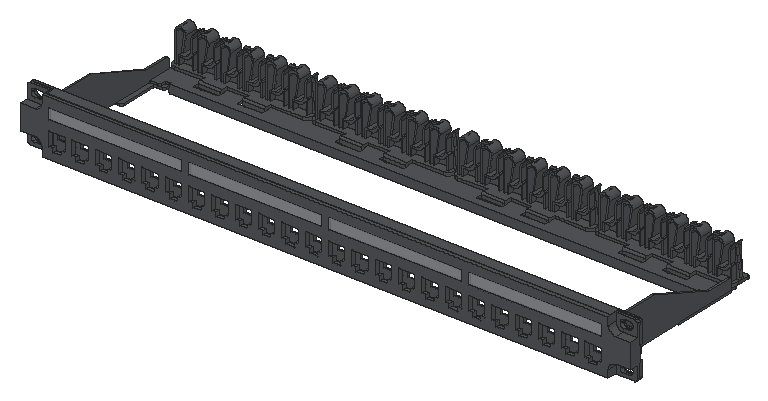
Revit family "Panneau de brassage", category Equipement spécialisé, Revit 2020 (continued)
Automatic sketch dimensions
  Extrusion 137 sketch curve to plane 578 = 0.2 mm
  Extrusion 137 sketch curve to plane 12 = 2.575 mm  (x2)
  Extrusion 137 sketch curve to Extrusion 137 sketch curve = 1.215 mm
  Extrusion 137 sketch curve to plane 28 = 0.25 mm  (x2)
  plane 11 to Extrusion 138 sketch curve = 0.429 mm
  Extrusion 138 sketch curve to Extrusion 138 sketch curve = 1.5 mm
  plane 11 to Extrusion 138 sketch curve = 0.356 mm
  Extrusion 138 sketch curve to Extrusion 138 sketch curve = 0.291 mm
  Extrusion 138 sketch curve to Extrusion 138 sketch curve = 2.84 mm
  Extrusion 138 sketch curve to plane 28 = 0.95 mm
  Extrusion 138 sketch curve to Extrusion 138 sketch curve = 1 mm
  Extrusion 138 sketch curve to Extrusion 138 sketch curve = 0.3 mm
  plane 492 to Extrusion 138 sketch curve = 2.8 mm
  Extrusion 138 sketch curve to plane 12 = 2.575 mm  (x2)
  Extrusion 138 sketch curve to Extrusion 138 sketch curve = 2.34 mm
  Extrusion 138 sketch curve to Extrusion 138 sketch curve = 0 mm  (x2)
  Extrusion 138 sketch curve to Extrusion 138 sketch curve = 1.215 mm
  Extrusion 138 sketch curve to plane 28 = 0.25 mm
  plane 44 to Extrusion 138 sketch curve = 3.067 mm
  Extrusion 138 sketch curve to Extrusion 138 sketch curve = 1.628 mm
  plane 44 to Extrusion 139 sketch curve = 3.439 mm
  Extrusion 139 sketch curve to plane 484 = 17.06 mm
  plane 11 to Extrusion 139 sketch curve = 0.356 mm
  Extrusion 139 sketch curve to Extrusion 139 sketch curve = 2.249 mm
  Extrusion 139 sketch curve to Extrusion 139 sketch curve = 0.291 mm
  Extrusion 139 sketch curve to plane 28 = 1.718 mm
  Extrusion 139 sketch curve to Extrusion 139 sketch curve = 0.591 mm
  Extrusion 139 sketch curve to Extrusion 139 sketch curve = 2.84 mm
  Extrusion 139 sketch curve to plane 28 = 0.95 mm
  Extrusion 139 sketch curve to Extrusion 139 sketch curve = 0.36 mm
  Extrusion 139 sketch curve to plane 28 = 0.25 mm  (x2)
  Extrusion 139 sketch curve to Extrusion 139 sketch curve = 0.84 mm
  Extrusion 139 sketch curve to Extrusion 139 sketch curve = 1.2 mm  (x2)
  Extrusion 139 sketch curve to Extrusion 139 sketch curve = 0.3 mm
  plane 27 to Extrusion 139 sketch curve = 0.225 mm
  Extrusion 139 sketch curve to Extrusion 139 sketch curve = 5.7 mm
  Extrusion 139 sketch curve to plane 12 = 2.575 mm  (x2)
  Extrusion 139 sketch curve to Extrusion 139 sketch curve = 3.8 mm
  plane 27 to Extrusion 139 sketch curve = 0.425 mm
  Extrusion 139 sketch curve to Extrusion 139 sketch curve = 1.535 mm
  Extrusion 139 sketch curve to Extrusion 139 sketch curve = 0 mm
  Extrusion 139 sketch curve to Extrusion 139 sketch curve = 1.215 mm
  plane 44 to Extrusion 139 sketch curve = 2.017 mm
  Extrusion 139 sketch curve to Extrusion 139 sketch curve = 1.628 mm
  plane 27 to Extrusion 140 sketch curve = 0.425 mm
  Extrusion 140 sketch curve to Extrusion 140 sketch curve = 1.76 mm
  plane 27 to Extrusion 140 sketch curve = 0.225 mm
  Extrusion 140 sketch curve to Extrusion 140 sketch curve = 1.2 mm  (x2)
  Extrusion 140 sketch curve to plane 28 = 0.25 mm  (x2)
  Extrusion 140 sketch curve to Extrusion 140 sketch curve = 3.8 mm
  Extrusion 140 sketch curve to plane 484 = 3.4 mm
  Extrusion 140 sketch curve to plane 484 = 3.1 mm  (x2)
  Extrusion 140 sketch curve to Extrusion 140 sketch curve = 0.2 mm
  Extrusion 140 sketch curve to plane 28 = 0.95 mm
  Extrusion 140 sketch curve to Extrusion 140 sketch curve = 0.64 mm
  Extrusion 140 sketch curve to plane 484 = 1.9 mm
  Extrusion 140 sketch curve to Extrusion 140 sketch curve = 0.3 mm
  plane 11 to Extrusion 140 sketch curve = 0.356 mm
  Extrusion 140 sketch curve to Extrusion 140 sketch curve = 0.291 mm
  plane 484 to Extrusion 140 sketch curve = 0.94 mm
  Extrusion 140 sketch curve to plane 12 = 2.575 mm
  Extrusion 140 sketch curve to Extrusion 140 sketch curve = 0 mm  (x2)
  Extrusion 140 sketch curve to Extrusion 140 sketch curve = 1.215 mm
  plane 44 to Extrusion 140 sketch curve = 2.017 mm
  plane 44 to Extrusion 140 sketch curve = 3.439 mm
  Extrusion 140 sketch curve to Extrusion 140 sketch curve = 1.628 mm
  plane 44 to Extrusion 141 sketch curve = 3.439 mm
  Extrusion 141 sketch curve to plane 243 = 8.192 mm
  plane 11 to Extrusion 141 sketch curve = 0.356 mm
  Extrusion 141 sketch curve to Extrusion 141 sketch curve = 2.249 mm
  Extrusion 141 sketch curve to Extrusion 141 sketch curve = 0.291 mm
  Extrusion 141 sketch curve to plane 28 = 1.718 mm
  Extrusion 141 sketch curve to Extrusion 141 sketch curve = 0.591 mm
  Extrusion 141 sketch curve to Extrusion 141 sketch curve = 2.84 mm
  Extrusion 141 sketch curve to plane 28 = 0.95 mm
  Extrusion 141 sketch curve to Extrusion 141 sketch curve = 0.36 mm
  Extrusion 141 sketch curve to plane 28 = 0.25 mm  (x2)
  Extrusion 141 sketch curve to Extrusion 141 sketch curve = 0.84 mm
  Extrusion 141 sketch curve to Extrusion 141 sketch curve = 1.2 mm  (x2)
  Extrusion 141 sketch curve to Extrusion 141 sketch curve = 0.3 mm
  plane 27 to Extrusion 141 sketch curve = 0.225 mm
  Extrusion 141 sketch curve to Extrusion 141 sketch curve = 5.7 mm
  plane 484 to Extrusion 141 sketch curve = 5.1 mm
  plane 27 to Extrusion 141 sketch curve = 0.425 mm
  Extrusion 141 sketch curve to Extrusion 141 sketch curve = 1.76 mm
  Extrusion 141 sketch curve to plane 12 = 2.575 mm
  Extrusion 141 sketch curve to Extrusion 141 sketch curve = 0 mm  (x2)
  Extrusion 141 sketch curve to Extrusion 141 sketch curve = 1.215 mm
  plane 44 to Extrusion 141 sketch curve = 2.017 mm
  Extrusion 141 sketch curve to Extrusion 141 sketch curve = 1.628 mm
  plane 27 to Extrusion 142 sketch curve = 0.425 mm
  Extrusion 142 sketch curve to Extrusion 142 sketch curve = 1.76 mm
  plane 27 to Extrusion 142 sketch curve = 0.225 mm
  Extrusion 142 sketch curve to Extrusion 142 sketch curve = 1.2 mm  (x3)
  Extrusion 142 sketch curve to plane 243 = 0.232 mm
  plane 243 to Extrusion 142 sketch curve = 5.468 mm
  Extrusion 142 sketch curve to plane 12 = 2.575 mm  (x2)
  plane 243 to Extrusion 142 sketch curve = 5.768 mm  (x2)
  plane 44 to Extrusion 142 sketch curve = 2.017 mm
  Extrusion 142 sketch curve to Extrusion 142 sketch curve = 0.2 mm
  Extrusion 142 sketch curve to plane 28 = 0.95 mm
  Extrusion 142 sketch curve to Extrusion 142 sketch curve = 0.64 mm
  Extrusion 142 sketch curve to Extrusion 142 sketch curve = 0.3 mm
  plane 11 to Extrusion 142 sketch curve = 0.356 mm
  Extrusion 142 sketch curve to Extrusion 142 sketch curve = 0.291 mm
  Extrusion 142 sketch curve to plane 39 = 2.425 mm
  Extrusion 142 sketch curve to Extrusion 142 sketch curve = 0 mm
  Extrusion 142 sketch curve to Extrusion 142 sketch curve = 1.215 mm
  Extrusion 142 sketch curve to plane 28 = 0.25 mm  (x2)
  plane 44 to Extrusion 142 sketch curve = 3.439 mm
  Extrusion 142 sketch curve to Extrusion 142 sketch curve = 1.628 mm
  Extrusion 143 sketch curve to plane 14 = 0.4 mm
  Extrusion 143 sketch curve to plane 38 = 2.065 mm
  Extrusion 143 sketch curve to plane 38 = 2.21 mm
  Extrusion 143 sketch curve to plane 28 = 0.95 mm
  Extrusion 143 sketch curve to Extrusion 143 sketch curve = 0.36 mm
  Extrusion 143 sketch curve to Extrusion 143 sketch curve = 0.64 mm
  Extrusion 143 sketch curve to plane 28 = 0.25 mm  (x2)
  Extrusion 143 sketch curve to Extrusion 143 sketch curve = 0.84 mm
  Extrusion 143 sketch curve to Extrusion 143 sketch curve = 1.2 mm
  Extrusion 143 sketch curve to Extrusion 143 sketch curve = 0.3 mm
  Extrusion 143 sketch curve to plane 43 = 0.135 mm
  plane 39 to Extrusion 143 sketch curve = 1.735 mm
  plane 39 to Extrusion 143 sketch curve = 0.535 mm
  plane 27 to Extrusion 143 sketch curve = 0.425 mm
  Extrusion 143 sketch curve to plane 39 = 1.225 mm
  plane 27 to Extrusion 143 sketch curve = 0.225 mm
  Extrusion 143 sketch curve to plane 12 = 2.575 mm  (x2)
  Extrusion 143 sketch curve to Extrusion 143 sketch curve = 0 mm
  Extrusion 143 sketch curve to Extrusion 143 sketch curve = 1.215 mm
  plane 44 to Extrusion 143 sketch curve = 2.017 mm
  Extrusion 143 sketch curve to Extrusion 143 sketch curve = 2.681 mm
  plane 582 to Extrusion 144 sketch curve = 2.257 mm
  Extrusion 144 sketch curve to Extrusion 144 sketch curve = 4.833 mm
  plane 44 to Extrusion 144 sketch curve = 3.067 mm
  plane 44 to Extrusion 144 sketch curve = 5.117 mm
  Extrusion 144 sketch curve to Extrusion 144 sketch curve = 1 mm
  Extrusion 144 sketch curve to Extrusion 144 sketch curve = 1.2 mm
  Extrusion 144 sketch curve to Extrusion 144 sketch curve = 0 mm
  plane 583 to Extrusion 145 sketch curve = 2.257 mm
  Extrusion 145 sketch curve to Extrusion 145 sketch curve = 4.833 mm
  plane 44 to Extrusion 145 sketch curve = 3.067 mm
  plane 44 to Extrusion 145 sketch curve = 5.117 mm
  Extrusion 145 sketch curve to Extrusion 145 sketch curve = 1 mm
  Extrusion 145 sketch curve to Extrusion 145 sketch curve = 1.2 mm
  Extrusion 145 sketch curve to Extrusion 145 sketch curve = 0 mm
  plane 484 to Extrusion 146 sketch curve = 0.357 mm
  plane 484 to Extrusion 146 sketch curve = 5.19 mm
  plane 44 to Extrusion 146 sketch curve = 3.067 mm
  plane 44 to Extrusion 146 sketch curve = 5.117 mm
  Extrusion 146 sketch curve to Extrusion 146 sketch curve = 1 mm
  Extrusion 146 sketch curve to Extrusion 146 sketch curve = 1.2 mm
  Extrusion 146 sketch curve to Extrusion 146 sketch curve = 0 mm
  plane 585 to Extrusion 147 sketch curve = 2.257 mm
  Extrusion 147 sketch curve to plane 243 = 3.942 mm
  plane 44 to Extrusion 147 sketch curve = 3.067 mm
  plane 44 to Extrusion 147 sketch curve = 5.117 mm
  Extrusion 147 sketch curve to Extrusion 147 sketch curve = 1 mm
  Extrusion 147 sketch curve to Extrusion 147 sketch curve = 1.2 mm
  Extrusion 147 sketch curve to Extrusion 147 sketch curve = 0 mm
  plane 586 to Extrusion 148 sketch curve = 2.257 mm
  plane 39 to Extrusion 148 sketch curve = 1.825 mm
  plane 44 to Extrusion 148 sketch curve = 3.067 mm
  plane 44 to Extrusion 148 sketch curve = 5.117 mm
  Extrusion 148 sketch curve to Extrusion 148 sketch curve = 1 mm
  Extrusion 148 sketch curve to Extrusion 148 sketch curve = 1.2 mm
  Extrusion 148 sketch curve to Extrusion 148 sketch curve = 0 mm
  Extrusion 149 sketch curve to Extrusion 149 sketch curve = 2 mm
  Extrusion 149 sketch curve to Extrusion 149 sketch curve = 5 mm
  Extrusion 149 sketch curve to Extrusion 67 = 1 mm
  Extrusion 67 to Extrusion 149 sketch curve = 0.15 mm
  plane 41 to Extrusion 150 sketch curve = 1.267 mm
  Extrusion 150 sketch curve to plane 478 = 14.465 mm
  Extrusion 150 sketch curve to Extrusion 150 sketch curve = 1.5 mm  (x2)
  Extrusion 150 sketch curve to Extrusion 150 sketch curve = 0.5 mm
  Extrusion 150 sketch curve to Extrusion 150 sketch curve = 2.5 mm
  plane 41 to Extrusion 150 sketch curve = 0.767 mm
  Extrusion 150 sketch curve to plane 41 = 1.233 mm
  Extrusion 150 sketch curve to plane 41 = 1.733 mm
  plane 41 to Extrusion 151 sketch curve = 1.267 mm
  Extrusion 151 sketch curve to plane 478 = 14.465 mm
  Extrusion 151 sketch curve to Extrusion 151 sketch curve = 1.5 mm  (x2)
  Extrusion 151 sketch curve to Extrusion 151 sketch curve = 0.5 mm  (x2)
  Extrusion 151 sketch curve to Extrusion 151 sketch curve = 2.5 mm
  plane 41 to Extrusion 151 sketch curve = 0.767 mm
  Extrusion 151 sketch curve to plane 41 = 1.233 mm
  Extrusion 152 sketch curve to plane 594 = 0 mm
  plane 41 to Extrusion 152 sketch curve = 0.766 mm
  Extrusion 154 sketch curve to plane 598 = 0 mm
  plane 399 to Extrusion 154 sketch curve = 0.535 mm
  Extrusion 154 sketch curve to plane 599 = 2.5 mm
  Extrusion 155 sketch curve to plane 602 = 0 mm
  plane 41 to Extrusion 155 sketch curve = 0.766 mm
  Extrusion 157 sketch curve to plane 605 = 0 mm
  plane 399 to Extrusion 157 sketch curve = 0.535 mm
  Extrusion 157 sketch curve to plane 606 = 2.5 mm
  Extrusion 158 sketch curve to Extrusion 158 sketch curve = 0 mm  (x2)
  Extrusion 158 sketch curve to plane 609 = 0 mm
  Extrusion 158 sketch curve to plane 611 = 0 mm
  plane 611 to Extrusion 158 sketch curve = 0 mm
  Extrusion 158 sketch curve to plane 615 = 0 mm  (x2)
  plane 619 to Extrusion 158 sketch curve = 0.3 mm
  Extrusion 158 sketch curve to plane 609 = 0.36 mm
  plane 611 to Extrusion 158 sketch curve = 0.2 mm
  Extrusion 158 sketch curve to plane 611 = 0.3 mm
  plane 615 to Extrusion 158 sketch curve = 0.465 mm
  plane 595 to Extrusion 158 sketch curve = 3.3 mm
  Extrusion 158 sketch curve to plane 28 = 0.25 mm  (x2)
  plane 595 to Extrusion 158 sketch curve = 2.8 mm
  Extrusion 158 sketch curve to plane 608 = 0.42 mm
  Extrusion 158 sketch curve to Extrusion 158 sketch curve = 1.189 mm
  plane 28 to Extrusion 158 sketch curve = 0.95 mm
  plane 595 to Extrusion 158 sketch curve = 1.5 mm
  plane 595 to Extrusion 158 sketch curve = 0.311 mm
  Extrusion 158 sketch curve to plane 616 = 0.2 mm
  Extrusion 158 sketch curve to plane 12 = 2.575 mm  (x2)
  Extrusion 158 sketch curve to Extrusion 158 sketch curve = 1.215 mm
  Extrusion 159 sketch curve to Extrusion 159 sketch curve = 0 mm  (x2)
  Extrusion 159 sketch curve to plane 622 = 0 mm
  Extrusion 159 sketch curve to plane 624 = 0 mm
  plane 624 to Extrusion 159 sketch curve = 0 mm
  Extrusion 159 sketch curve to plane 628 = 0 mm  (x2)
  plane 632 to Extrusion 159 sketch curve = 0.3 mm
  Extrusion 159 sketch curve to plane 622 = 0.36 mm
  plane 624 to Extrusion 159 sketch curve = 0.2 mm
  Extrusion 159 sketch curve to plane 624 = 0.3 mm
  plane 628 to Extrusion 159 sketch curve = 0.465 mm
  plane 629 to Extrusion 159 sketch curve = 4.3 mm
  Extrusion 159 sketch curve to plane 28 = 0.25 mm  (x2)
  plane 629 to Extrusion 159 sketch curve = 3.8 mm
  Extrusion 159 sketch curve to plane 621 = 0.42 mm
  Extrusion 159 sketch curve to Extrusion 159 sketch curve = 1.189 mm
  plane 28 to Extrusion 159 sketch curve = 0.95 mm
  Extrusion 159 sketch curve to Extrusion 159 sketch curve = 0.1 mm
  Extrusion 159 sketch curve to plane 632 = 1.163 mm
  Extrusion 159 sketch curve to plane 629 = 0.2 mm
  Extrusion 159 sketch curve to plane 12 = 2.575 mm  (x2)
  Extrusion 159 sketch curve to Extrusion 159 sketch curve = 1.215 mm
  Extrusion 160 sketch curve to Extrusion 160 sketch curve = 0 mm  (x2)
  Extrusion 160 sketch curve to plane 635 = 0 mm
  Extrusion 160 sketch curve to plane 637 = 0 mm
  plane 637 to Extrusion 160 sketch curve = 0 mm
  Extrusion 160 sketch curve to plane 641 = 0 mm  (x2)
  plane 645 to Extrusion 160 sketch curve = 0.3 mm
  Extrusion 160 sketch curve to plane 635 = 0.36 mm
  plane 637 to Extrusion 160 sketch curve = 0.2 mm
  Extrusion 160 sketch curve to plane 637 = 0.3 mm
  plane 641 to Extrusion 160 sketch curve = 0.465 mm
  plane 642 to Extrusion 160 sketch curve = 4.3 mm
  Extrusion 160 sketch curve to plane 28 = 0.25 mm  (x2)
  plane 642 to Extrusion 160 sketch curve = 3.8 mm
  Extrusion 160 sketch curve to plane 634 = 0.42 mm
  Extrusion 160 sketch curve to Extrusion 160 sketch curve = 1.189 mm
  plane 28 to Extrusion 160 sketch curve = 0.95 mm
  Extrusion 160 sketch curve to Extrusion 160 sketch curve = 0.1 mm
  Extrusion 160 sketch curve to plane 645 = 1.163 mm
  Extrusion 160 sketch curve to plane 642 = 0.2 mm
  Extrusion 160 sketch curve to plane 12 = 2.575 mm  (x2)
  Extrusion 160 sketch curve to Extrusion 160 sketch curve = 1.215 mm
  Extrusion 161 sketch curve to Extrusion 161 sketch curve = 0 mm  (x2)
  Extrusion 161 sketch curve to plane 648 = 0 mm
  Extrusion 161 sketch curve to plane 650 = 0 mm
  plane 650 to Extrusion 161 sketch curve = 0 mm
  Extrusion 161 sketch curve to plane 654 = 0 mm  (x2)
  plane 658 to Extrusion 161 sketch curve = 0.3 mm
  Extrusion 161 sketch curve to plane 648 = 0.36 mm
  plane 650 to Extrusion 161 sketch curve = 0.2 mm
  Extrusion 161 sketch curve to plane 650 = 0.3 mm
  plane 654 to Extrusion 161 sketch curve = 0.465 mm
  plane 655 to Extrusion 161 sketch curve = 4.3 mm
  Extrusion 161 sketch curve to plane 28 = 0.25 mm  (x2)
  plane 655 to Extrusion 161 sketch curve = 3.8 mm
  Extrusion 161 sketch curve to plane 647 = 0.42 mm
  Extrusion 161 sketch curve to Extrusion 161 sketch curve = 1.189 mm
  plane 28 to Extrusion 161 sketch curve = 0.95 mm
  Extrusion 161 sketch curve to Extrusion 161 sketch curve = 0.1 mm
  Extrusion 161 sketch curve to plane 658 = 1.163 mm
  Extrusion 161 sketch curve to plane 655 = 0.2 mm
  Extrusion 161 sketch curve to plane 12 = 2.575 mm  (x2)
  Extrusion 161 sketch curve to Extrusion 161 sketch curve = 1.215 mm
  Extrusion 162 sketch curve to Extrusion 162 sketch curve = 0 mm  (x2)
  Extrusion 162 sketch curve to plane 661 = 0 mm
  Extrusion 162 sketch curve to plane 663 = 0 mm
  plane 663 to Extrusion 162 sketch curve = 0 mm
  Extrusion 162 sketch curve to plane 667 = 0 mm  (x2)
  plane 671 to Extrusion 162 sketch curve = 0.3 mm
  Extrusion 162 sketch curve to plane 661 = 0.36 mm
  plane 663 to Extrusion 162 sketch curve = 0.2 mm
  Extrusion 162 sketch curve to plane 663 = 0.3 mm
  plane 667 to Extrusion 162 sketch curve = 0.465 mm
  plane 668 to Extrusion 162 sketch curve = 4.3 mm
  Extrusion 162 sketch curve to plane 28 = 0.25 mm  (x2)
  plane 668 to Extrusion 162 sketch curve = 3.8 mm
  Extrusion 162 sketch curve to plane 660 = 0.42 mm
  Extrusion 162 sketch curve to Extrusion 162 sketch curve = 1.189 mm
  plane 28 to Extrusion 162 sketch curve = 0.95 mm
  Extrusion 162 sketch curve to Extrusion 162 sketch curve = 0.1 mm
  Extrusion 162 sketch curve to plane 671 = 1.163 mm
  Extrusion 162 sketch curve to plane 668 = 0.2 mm
  Extrusion 162 sketch curve to plane 12 = 2.575 mm  (x2)
  Extrusion 162 sketch curve to Extrusion 162 sketch curve = 1.215 mm
  Extrusion 163 sketch curve to Extrusion 163 sketch curve = 0 mm  (x2)
  Extrusion 163 sketch curve to plane 674 = 0 mm
  Extrusion 163 sketch curve to plane 676 = 0 mm
  plane 676 to Extrusion 163 sketch curve = 0 mm
  Extrusion 163 sketch curve to plane 680 = 0 mm  (x2)
  plane 684 to Extrusion 163 sketch curve = 0.3 mm
  Extrusion 163 sketch curve to plane 674 = 0.36 mm
  plane 676 to Extrusion 163 sketch curve = 0.2 mm
  Extrusion 163 sketch curve to plane 676 = 0.3 mm
  plane 680 to Extrusion 163 sketch curve = 0.465 mm
  plane 681 to Extrusion 163 sketch curve = 4.3 mm
  Extrusion 163 sketch curve to plane 28 = 0.25 mm  (x2)
  plane 681 to Extrusion 163 sketch curve = 3.8 mm
  Extrusion 163 sketch curve to plane 673 = 0.42 mm
  Extrusion 163 sketch curve to Extrusion 163 sketch curve = 1.189 mm
  plane 28 to Extrusion 163 sketch curve = 0.95 mm
  Extrusion 163 sketch curve to Extrusion 163 sketch curve = 0.1 mm
  Extrusion 163 sketch curve to plane 684 = 1.163 mm
  Extrusion 163 sketch curve to plane 681 = 0.2 mm
  Extrusion 163 sketch curve to plane 12 = 2.575 mm  (x2)
  Extrusion 163 sketch curve to Extrusion 163 sketch curve = 1.215 mm
  plane 11 to Extrusion 164 sketch curve = 0.429 mm
  Extrusion 164 sketch curve to Extrusion 164 sketch curve = 1.5 mm
  plane 11 to Extrusion 164 sketch curve = 0.356 mm
  Extrusion 164 sketch curve to Extrusion 164 sketch curve = 0.291 mm
  Extrusion 164 sketch curve to Extrusion 164 sketch curve = 2.84 mm
  Extrusion 164 sketch curve to plane 28 = 0.95 mm
  Extrusion 164 sketch curve to Extrusion 164 sketch curve = 1 mm
  Extrusion 164 sketch curve to Extrusion 164 sketch curve = 0.3 mm
  plane 595 to Extrusion 164 sketch curve = 2.8 mm
  Extrusion 164 sketch curve to plane 12 = 2.575 mm  (x2)
  Extrusion 164 sketch curve to Extrusion 164 sketch curve = 2.34 mm
  Extrusion 164 sketch curve to Extrusion 164 sketch curve = 0 mm  (x2)
  Extrusion 164 sketch curve to Extrusion 164 sketch curve = 1.215 mm
  Extrusion 164 sketch curve to plane 28 = 0.25 mm
  plane 44 to Extrusion 164 sketch curve = 3.067 mm
  Extrusion 164 sketch curve to Extrusion 164 sketch curve = 1.628 mm
  plane 44 to Extrusion 165 sketch curve = 3.439 mm
  plane 595 to Extrusion 165 sketch curve = 30.84 mm
  plane 11 to Extrusion 165 sketch curve = 0.356 mm
  Extrusion 165 sketch curve to Extrusion 165 sketch curve = 2.249 mm
  Extrusion 165 sketch curve to Extrusion 165 sketch curve = 0.291 mm
  Extrusion 165 sketch curve to plane 28 = 1.718 mm
  Extrusion 165 sketch curve to Extrusion 165 sketch curve = 0.591 mm
  Extrusion 165 sketch curve to Extrusion 165 sketch curve = 2.84 mm
  Extrusion 165 sketch curve to plane 28 = 0.95 mm
  Extrusion 165 sketch curve to Extrusion 165 sketch curve = 0.36 mm
  Extrusion 165 sketch curve to plane 28 = 0.25 mm  (x2)
  Extrusion 165 sketch curve to Extrusion 165 sketch curve = 0.84 mm
  Extrusion 165 sketch curve to Extrusion 165 sketch curve = 1.2 mm  (x2)
  Extrusion 165 sketch curve to Extrusion 165 sketch curve = 0.3 mm
  plane 27 to Extrusion 165 sketch curve = 0.225 mm
  Extrusion 165 sketch curve to Extrusion 165 sketch curve = 5.7 mm
  Extrusion 165 sketch curve to plane 12 = 2.575 mm  (x2)
  Extrusion 165 sketch curve to Extrusion 165 sketch curve = 3.8 mm
  plane 27 to Extrusion 165 sketch curve = 0.425 mm
  Extrusion 165 sketch curve to Extrusion 165 sketch curve = 1.535 mm
  Extrusion 165 sketch curve to Extrusion 165 sketch curve = 0 mm
  Extrusion 165 sketch curve to Extrusion 165 sketch curve = 1.215 mm
  plane 44 to Extrusion 165 sketch curve = 2.017 mm
  Extrusion 165 sketch curve to Extrusion 165 sketch curve = 1.628 mm
  plane 27 to Extrusion 166 sketch curve = 0.425 mm
  Extrusion 166 sketch curve to Extrusion 166 sketch curve = 1.76 mm
  plane 27 to Extrusion 166 sketch curve = 0.225 mm
  Extrusion 166 sketch curve to Extrusion 166 sketch curve = 1.2 mm  (x3)
  Extrusion 166 sketch curve to plane 28 = 0.25 mm  (x2)
  Extrusion 166 sketch curve to Extrusion 166 sketch curve = 3.8 mm
  Extrusion 166 sketch curve to Extrusion 166 sketch curve = 5.7 mm
  Extrusion 166 sketch curve to plane 12 = 2.575 mm  (x2)
  Extrusion 166 sketch curve to Extrusion 166 sketch curve = 6 mm  (x2)
  plane 44 to Extrusion 166 sketch curve = 2.017 mm
  Extrusion 166 sketch curve to Extrusion 166 sketch curve = 0.2 mm
  Extrusion 166 sketch curve to plane 28 = 0.95 mm
  Extrusion 166 sketch curve to Extrusion 166 sketch curve = 0.64 mm
  plane 44 to Extrusion 166 sketch curve = 5.067 mm
  Extrusion 166 sketch curve to Extrusion 166 sketch curve = 0.3 mm
  plane 11 to Extrusion 166 sketch curve = 0.356 mm
  Extrusion 166 sketch curve to Extrusion 166 sketch curve = 0.291 mm
  Extrusion 166 sketch curve to Extrusion 166 sketch curve = 2.84 mm
  Extrusion 166 sketch curve to Extrusion 166 sketch curve = 0 mm
  Extrusion 166 sketch curve to Extrusion 166 sketch curve = 1.215 mm
  Extrusion 166 sketch curve to Extrusion 166 sketch curve = 1.628 mm
  plane 44 to Extrusion 167 sketch curve = 3.439 mm
  plane 10 to Extrusion 167 sketch curve = 34.76 mm
  plane 11 to Extrusion 167 sketch curve = 0.356 mm
  Extrusion 167 sketch curve to Extrusion 167 sketch curve = 2.249 mm
  Extrusion 167 sketch curve to Extrusion 167 sketch curve = 0.291 mm
  Extrusion 167 sketch curve to plane 28 = 1.718 mm
  Extrusion 167 sketch curve to Extrusion 167 sketch curve = 0.591 mm
  Extrusion 167 sketch curve to Extrusion 167 sketch curve = 2.84 mm
  Extrusion 167 sketch curve to plane 28 = 0.95 mm
  Extrusion 167 sketch curve to Extrusion 167 sketch curve = 0.36 mm
  Extrusion 167 sketch curve to plane 28 = 0.25 mm  (x2)
  Extrusion 167 sketch curve to Extrusion 167 sketch curve = 0.84 mm
  Extrusion 167 sketch curve to Extrusion 167 sketch curve = 1.2 mm  (x2)
  Extrusion 167 sketch curve to Extrusion 167 sketch curve = 0.3 mm
  plane 27 to Extrusion 167 sketch curve = 0.225 mm
  Extrusion 167 sketch curve to Extrusion 167 sketch curve = 5.7 mm
  Extrusion 167 sketch curve to plane 12 = 2.575 mm  (x2)
  Extrusion 167 sketch curve to Extrusion 167 sketch curve = 3.8 mm
  plane 27 to Extrusion 167 sketch curve = 0.425 mm
  Extrusion 167 sketch curve to Extrusion 167 sketch curve = 1.76 mm
  Extrusion 167 sketch curve to Extrusion 167 sketch curve = 0 mm
  Extrusion 167 sketch curve to Extrusion 167 sketch curve = 1.215 mm
  plane 44 to Extrusion 167 sketch curve = 2.017 mm
  Extrusion 167 sketch curve to Extrusion 167 sketch curve = 1.628 mm
  plane 27 to Extrusion 168 sketch curve = 0.425 mm
  Extrusion 168 sketch curve to Extrusion 168 sketch curve = 1.76 mm
  plane 27 to Extrusion 168 sketch curve = 0.225 mm
  Extrusion 168 sketch curve to Extrusion 168 sketch curve = 1.2 mm  (x3)
  Extrusion 168 sketch curve to plane 28 = 0.25 mm  (x2)
  Extrusion 168 sketch curve to Extrusion 168 sketch curve = 3.8 mm
  Extrusion 168 sketch curve to Extrusion 168 sketch curve = 5.7 mm
  Extrusion 168 sketch curve to plane 12 = 2.575 mm  (x2)
  Extrusion 168 sketch curve to Extrusion 168 sketch curve = 6 mm  (x2)
  plane 44 to Extrusion 168 sketch curve = 2.017 mm
  Extrusion 168 sketch curve to Extrusion 168 sketch curve = 0.2 mm
  Extrusion 168 sketch curve to plane 28 = 0.95 mm
  Extrusion 168 sketch curve to Extrusion 168 sketch curve = 0.64 mm
  plane 44 to Extrusion 168 sketch curve = 5.067 mm
  Extrusion 168 sketch curve to Extrusion 168 sketch curve = 0.3 mm
  plane 11 to Extrusion 168 sketch curve = 0.356 mm
  Extrusion 168 sketch curve to Extrusion 168 sketch curve = 0.291 mm
  Extrusion 168 sketch curve to Extrusion 168 sketch curve = 2.84 mm
  Extrusion 168 sketch curve to Extrusion 168 sketch curve = 0 mm
  Extrusion 168 sketch curve to Extrusion 168 sketch curve = 1.215 mm
  Extrusion 168 sketch curve to Extrusion 168 sketch curve = 1.628 mm
  Extrusion 169 sketch curve to plane 587 = 0 mm
  plane 10 to Extrusion 169 sketch curve = 1.6 mm
  plane 10 to Extrusion 169 sketch curve = 1.745 mm
  Extrusion 169 sketch curve to plane 28 = 0.95 mm
  Extrusion 169 sketch curve to Extrusion 169 sketch curve = 0.36 mm
  Extrusion 169 sketch curve to Extrusion 169 sketch curve = 0.64 mm
  Extrusion 169 sketch curve to plane 28 = 0.25 mm  (x2)
  Extrusion 169 sketch curve to Extrusion 169 sketch curve = 0.84 mm
  Extrusion 169 sketch curve to Extrusion 169 sketch curve = 1.2 mm  (x2)
  Extrusion 169 sketch curve to Extrusion 169 sketch curve = 0.3 mm
  plane 27 to Extrusion 169 sketch curve = 0.225 mm
  Extrusion 169 sketch curve to Extrusion 169 sketch curve = 5.7 mm
  Extrusion 169 sketch curve to plane 12 = 2.575 mm
  Extrusion 169 sketch curve to Extrusion 169 sketch curve = 3.8 mm
  plane 27 to Extrusion 169 sketch curve = 0.425 mm
  Extrusion 169 sketch curve to Extrusion 169 sketch curve = 1.76 mm
  Extrusion 169 sketch curve to Extrusion 169 sketch curve = 0 mm  (x2)
  Extrusion 169 sketch curve to Extrusion 169 sketch curve = 1.215 mm
  plane 44 to Extrusion 169 sketch curve = 2.017 mm
  Extrusion 169 sketch curve to Extrusion 169 sketch curve = 2.681 mm
  plane 685 to Extrusion 170 sketch curve = 2.257 mm
  Extrusion 170 sketch curve to Extrusion 170 sketch curve = 4.833 mm
  plane 44 to Extrusion 170 sketch curve = 3.067 mm
  plane 44 to Extrusion 170 sketch curve = 5.117 mm
  Extrusion 170 sketch curve to Extrusion 170 sketch curve = 1 mm
  Extrusion 170 sketch curve to Extrusion 170 sketch curve = 1.2 mm
  Extrusion 170 sketch curve to Extrusion 170 sketch curve = 0 mm
  plane 686 to Extrusion 171 sketch curve = 2.257 mm
  Extrusion 171 sketch curve to Extrusion 171 sketch curve = 4.833 mm
  plane 44 to Extrusion 171 sketch curve = 3.067 mm
  plane 44 to Extrusion 171 sketch curve = 5.117 mm
  Extrusion 171 sketch curve to Extrusion 171 sketch curve = 1 mm
  Extrusion 171 sketch curve to Extrusion 171 sketch curve = 1.2 mm
  Extrusion 171 sketch curve to Extrusion 171 sketch curve = 0 mm
  plane 687 to Extrusion 172 sketch curve = 2.257 mm
  Extrusion 172 sketch curve to Extrusion 172 sketch curve = 4.833 mm
  plane 44 to Extrusion 172 sketch curve = 3.067 mm
  plane 44 to Extrusion 172 sketch curve = 5.117 mm
  Extrusion 172 sketch curve to Extrusion 172 sketch curve = 1 mm
  Extrusion 172 sketch curve to Extrusion 172 sketch curve = 1.2 mm
  Extrusion 172 sketch curve to Extrusion 172 sketch curve = 0 mm
  plane 688 to Extrusion 173 sketch curve = 2.257 mm
  Extrusion 173 sketch curve to Extrusion 173 sketch curve = 4.833 mm
  plane 44 to Extrusion 173 sketch curve = 3.067 mm
  plane 44 to Extrusion 173 sketch curve = 5.117 mm
  Extrusion 173 sketch curve to Extrusion 173 sketch curve = 1 mm
  Extrusion 173 sketch curve to Extrusion 173 sketch curve = 1.2 mm
  Extrusion 173 sketch curve to Extrusion 173 sketch curve = 0 mm
  plane 689 to Extrusion 174 sketch curve = 2.257 mm
  Extrusion 174 sketch curve to Extrusion 174 sketch curve = 4.833 mm
  plane 44 to Extrusion 174 sketch curve = 3.067 mm
  plane 44 to Extrusion 174 sketch curve = 5.117 mm
  Extrusion 174 sketch curve to Extrusion 174 sketch curve = 1 mm
  Extrusion 174 sketch curve to Extrusion 174 sketch curve = 1.2 mm
  Extrusion 174 sketch curve to Extrusion 174 sketch curve = 0 mm
  Extrusion 175 sketch curve to Extrusion 175 sketch curve = 2 mm  (x2)
  Extrusion 175 sketch curve to Extrusion 175 sketch curve = 5 mm
  Extrusion 175 sketch curve to Extrusion 67 = 1 mm
  plane 41 to Extrusion 176 sketch curve = 1.267 mm
  Extrusion 176 sketch curve to plane 478 = 14.465 mm
  Extrusion 176 sketch curve to Extrusion 176 sketch curve = 1.5 mm  (x2)
  Extrusion 176 sketch curve to Extrusion 176 sketch curve = 0.5 mm
  Extrusion 176 sketch curve to Extrusion 176 sketch curve = 2.5 mm
  plane 41 to Extrusion 176 sketch curve = 0.767 mm
  Extrusion 176 sketch curve to plane 41 = 1.233 mm
  Extrusion 176 sketch curve to plane 41 = 1.733 mm
  plane 41 to Extrusion 177 sketch curve = 1.267 mm
  Extrusion 177 sketch curve to plane 478 = 14.465 mm
  Extrusion 177 sketch curve to Extrusion 177 sketch curve = 1.5 mm  (x2)
  Extrusion 177 sketch curve to Extrusion 177 sketch curve = 0.5 mm  (x2)
  Extrusion 177 sketch curve to Extrusion 177 sketch curve = 2.5 mm
  plane 41 to Extrusion 177 sketch curve = 0.767 mm
  Extrusion 177 sketch curve to plane 41 = 1.233 mm
  Extrusion 178 sketch curve to plane 696 = 0 mm
  plane 41 to Extrusion 178 sketch curve = 0.766 mm
  Extrusion 180 sketch curve to plane 700 = 0 mm
  plane 399 to Extrusion 180 sketch curve = 0.535 mm
  Extrusion 180 sketch curve to plane 701 = 2.5 mm
  Extrusion 181 sketch curve to plane 704 = 0 mm
  plane 41 to Extrusion 181 sketch curve = 0.766 mm
  Extrusion 183 sketch curve to plane 707 = 0 mm
  plane 399 to Extrusion 183 sketch curve = 0.535 mm
  Extrusion 183 sketch curve to plane 708 = 2.5 mm
  Extrusion 184 sketch curve to Extrusion 184 sketch curve = 0 mm  (x2)
  Extrusion 184 sketch curve to plane 711 = 0 mm
  Extrusion 184 sketch curve to plane 713 = 0 mm
  plane 713 to Extrusion 184 sketch curve = 0 mm
  Extrusion 184 sketch curve to plane 717 = 0 mm  (x2)
  plane 721 to Extrusion 184 sketch curve = 0.3 mm
  Extrusion 184 sketch curve to plane 711 = 0.36 mm
  plane 713 to Extrusion 184 sketch curve = 0.2 mm
  Extrusion 184 sketch curve to plane 713 = 0.3 mm
  plane 717 to Extrusion 184 sketch curve = 0.465 mm
  plane 697 to Extrusion 184 sketch curve = 3.3 mm
  Extrusion 184 sketch curve to plane 28 = 0.25 mm  (x2)
  plane 697 to Extrusion 184 sketch curve = 2.8 mm
  Extrusion 184 sketch curve to plane 710 = 0.42 mm
  Extrusion 184 sketch curve to Extrusion 184 sketch curve = 1.189 mm
  plane 28 to Extrusion 184 sketch curve = 0.95 mm
  plane 697 to Extrusion 184 sketch curve = 1.5 mm
  plane 697 to Extrusion 184 sketch curve = 0.311 mm
  Extrusion 184 sketch curve to plane 718 = 0.2 mm
  Extrusion 184 sketch curve to plane 12 = 2.575 mm  (x2)
  Extrusion 184 sketch curve to Extrusion 184 sketch curve = 1.215 mm
  Extrusion 185 sketch curve to Extrusion 185 sketch curve = 0 mm  (x2)
  Extrusion 185 sketch curve to plane 724 = 0 mm
  Extrusion 185 sketch curve to plane 726 = 0 mm
  plane 726 to Extrusion 185 sketch curve = 0 mm
  Extrusion 185 sketch curve to plane 730 = 0 mm  (x2)
  plane 734 to Extrusion 185 sketch curve = 0.3 mm
  Extrusion 185 sketch curve to plane 724 = 0.36 mm
  plane 726 to Extrusion 185 sketch curve = 0.2 mm
  Extrusion 185 sketch curve to plane 726 = 0.3 mm
  plane 730 to Extrusion 185 sketch curve = 0.465 mm
  plane 731 to Extrusion 185 sketch curve = 4.3 mm
  Extrusion 185 sketch curve to plane 28 = 0.25 mm  (x2)
  plane 731 to Extrusion 185 sketch curve = 3.8 mm
  Extrusion 185 sketch curve to plane 723 = 0.42 mm
  Extrusion 185 sketch curve to Extrusion 185 sketch curve = 1.189 mm
  plane 28 to Extrusion 185 sketch curve = 0.95 mm
  Extrusion 185 sketch curve to Extrusion 185 sketch curve = 0.1 mm
  Extrusion 185 sketch curve to plane 734 = 1.163 mm
  Extrusion 185 sketch curve to plane 731 = 0.2 mm
  Extrusion 185 sketch curve to plane 12 = 2.575 mm  (x2)
  Extrusion 185 sketch curve to Extrusion 185 sketch curve = 1.215 mm
  Extrusion 186 sketch curve to Extrusion 186 sketch curve = 0 mm  (x2)
  Extrusion 186 sketch curve to plane 737 = 0 mm
  Extrusion 186 sketch curve to plane 739 = 0 mm
  plane 739 to Extrusion 186 sketch curve = 0 mm
  Extrusion 186 sketch curve to plane 743 = 0 mm  (x2)
  plane 747 to Extrusion 186 sketch curve = 0.3 mm
  Extrusion 186 sketch curve to plane 737 = 0.36 mm
  plane 739 to Extrusion 186 sketch curve = 0.2 mm
  Extrusion 186 sketch curve to plane 739 = 0.3 mm
  plane 743 to Extrusion 186 sketch curve = 0.465 mm
  plane 744 to Extrusion 186 sketch curve = 4.3 mm
  Extrusion 186 sketch curve to plane 28 = 0.25 mm  (x2)
  plane 744 to Extrusion 186 sketch curve = 3.8 mm
  Extrusion 186 sketch curve to plane 736 = 0.42 mm
  Extrusion 186 sketch curve to Extrusion 186 sketch curve = 1.189 mm
  plane 28 to Extrusion 186 sketch curve = 0.95 mm
  Extrusion 186 sketch curve to Extrusion 186 sketch curve = 0.1 mm
  Extrusion 186 sketch curve to plane 747 = 1.163 mm
  Extrusion 186 sketch curve to plane 744 = 0.2 mm
  Extrusion 186 sketch curve to plane 12 = 2.575 mm  (x2)
  Extrusion 186 sketch curve to Extrusion 186 sketch curve = 1.215 mm
  Extrusion 187 sketch curve to Extrusion 187 sketch curve = 0 mm  (x2)
  Extrusion 187 sketch curve to plane 750 = 0 mm
  Extrusion 187 sketch curve to plane 752 = 0 mm
  plane 752 to Extrusion 187 sketch curve = 0 mm
  Extrusion 187 sketch curve to plane 756 = 0 mm  (x2)
  plane 760 to Extrusion 187 sketch curve = 0.3 mm
  Extrusion 187 sketch curve to plane 750 = 0.36 mm
  plane 752 to Extrusion 187 sketch curve = 0.2 mm
  Extrusion 187 sketch curve to plane 752 = 0.3 mm
  plane 756 to Extrusion 187 sketch curve = 0.465 mm
  plane 757 to Extrusion 187 sketch curve = 4.3 mm
  Extrusion 187 sketch curve to plane 28 = 0.25 mm  (x2)
  plane 757 to Extrusion 187 sketch curve = 3.8 mm
  Extrusion 187 sketch curve to plane 749 = 0.42 mm
  Extrusion 187 sketch curve to Extrusion 187 sketch curve = 1.189 mm
  plane 28 to Extrusion 187 sketch curve = 0.95 mm
  Extrusion 187 sketch curve to Extrusion 187 sketch curve = 0.1 mm
  Extrusion 187 sketch curve to plane 760 = 1.163 mm
  Extrusion 187 sketch curve to plane 757 = 0.2 mm
  Extrusion 187 sketch curve to plane 12 = 2.575 mm  (x2)
  Extrusion 187 sketch curve to Extrusion 187 sketch curve = 1.215 mm
  Extrusion 188 sketch curve to Extrusion 188 sketch curve = 0 mm  (x2)
  Extrusion 188 sketch curve to plane 763 = 0 mm
  Extrusion 188 sketch curve to plane 765 = 0 mm
  plane 765 to Extrusion 188 sketch curve = 0 mm
  Extrusion 188 sketch curve to plane 769 = 0 mm  (x2)
  plane 773 to Extrusion 188 sketch curve = 0.3 mm
  Extrusion 188 sketch curve to plane 763 = 0.36 mm
  plane 765 to Extrusion 188 sketch curve = 0.2 mm
  Extrusion 188 sketch curve to plane 765 = 0.3 mm
  plane 769 to Extrusion 188 sketch curve = 0.465 mm
  plane 770 to Extrusion 188 sketch curve = 4.3 mm
  Extrusion 188 sketch curve to plane 28 = 0.25 mm  (x2)
  plane 770 to Extrusion 188 sketch curve = 3.8 mm
  Extrusion 188 sketch curve to plane 762 = 0.42 mm
  Extrusion 188 sketch curve to Extrusion 188 sketch curve = 1.189 mm
  plane 28 to Extrusion 188 sketch curve = 0.95 mm
  Extrusion 188 sketch curve to Extrusion 188 sketch curve = 0.1 mm
  Extrusion 188 sketch curve to plane 773 = 1.163 mm
  Extrusion 188 sketch curve to plane 770 = 0.2 mm
  Extrusion 188 sketch curve to plane 12 = 2.575 mm  (x2)
  Extrusion 188 sketch curve to Extrusion 188 sketch curve = 1.215 mm
  Extrusion 189 sketch curve to Extrusion 189 sketch curve = 0 mm  (x2)
  Extrusion 189 sketch curve to plane 776 = 0 mm
  Extrusion 189 sketch curve to plane 778 = 0 mm
  plane 778 to Extrusion 189 sketch curve = 0 mm
  Extrusion 189 sketch curve to plane 782 = 0 mm  (x2)
  plane 786 to Extrusion 189 sketch curve = 0.3 mm
  Extrusion 189 sketch curve to plane 776 = 0.36 mm
  plane 778 to Extrusion 189 sketch curve = 0.2 mm
  Extrusion 189 sketch curve to plane 778 = 0.3 mm
  plane 782 to Extrusion 189 sketch curve = 0.465 mm
  plane 783 to Extrusion 189 sketch curve = 4.3 mm
  Extrusion 189 sketch curve to plane 28 = 0.25 mm  (x2)
  plane 783 to Extrusion 189 sketch curve = 3.8 mm
  Extrusion 189 sketch curve to plane 775 = 0.42 mm
  Extrusion 189 sketch curve to Extrusion 189 sketch curve = 1.189 mm
  plane 28 to Extrusion 189 sketch curve = 0.95 mm
  Extrusion 189 sketch curve to Extrusion 189 sketch curve = 0.1 mm
  Extrusion 189 sketch curve to plane 786 = 1.163 mm
  Extrusion 189 sketch curve to plane 783 = 0.2 mm
  Extrusion 189 sketch curve to plane 12 = 2.575 mm  (x2)
  Extrusion 189 sketch curve to Extrusion 189 sketch curve = 1.215 mm
  plane 11 to Extrusion 190 sketch curve = 0.429 mm
  Extrusion 190 sketch curve to Extrusion 190 sketch curve = 1.5 mm
  plane 11 to Extrusion 190 sketch curve = 0.356 mm
  Extrusion 190 sketch curve to Extrusion 190 sketch curve = 0.291 mm
  Extrusion 190 sketch curve to Extrusion 190 sketch curve = 2.84 mm
  Extrusion 190 sketch curve to plane 28 = 0.95 mm
  Extrusion 190 sketch curve to Extrusion 190 sketch curve = 1 mm
  Extrusion 190 sketch curve to Extrusion 190 sketch curve = 0.3 mm
  plane 697 to Extrusion 190 sketch curve = 2.8 mm
  plane 14 to Extrusion 190 sketch curve = 1.2 mm
  Extrusion 190 sketch curve to plane 12 = 2.575 mm
  Extrusion 190 sketch curve to Extrusion 190 sketch curve = 0 mm  (x3)
  Extrusion 190 sketch curve to Extrusion 190 sketch curve = 1.215 mm
  Extrusion 190 sketch curve to plane 28 = 0.25 mm
  plane 44 to Extrusion 190 sketch curve = 3.067 mm
  Extrusion 190 sketch curve to Extrusion 190 sketch curve = 1.628 mm
  plane 44 to Extrusion 191 sketch curve = 3.439 mm
  plane 697 to Extrusion 191 sketch curve = 30.84 mm
  plane 11 to Extrusion 191 sketch curve = 0.356 mm
  Extrusion 191 sketch curve to Extrusion 191 sketch curve = 2.249 mm
  Extrusion 191 sketch curve to Extrusion 191 sketch curve = 0.291 mm
  Extrusion 191 sketch curve to plane 28 = 1.718 mm
  Extrusion 191 sketch curve to Extrusion 191 sketch curve = 0.591 mm
  Extrusion 191 sketch curve to Extrusion 191 sketch curve = 2.84 mm
  Extrusion 191 sketch curve to plane 28 = 0.95 mm
  Extrusion 191 sketch curve to Extrusion 191 sketch curve = 0.36 mm
  Extrusion 191 sketch curve to plane 28 = 0.25 mm  (x2)
  Extrusion 191 sketch curve to Extrusion 191 sketch curve = 0.84 mm
  Extrusion 191 sketch curve to Extrusion 191 sketch curve = 1.2 mm  (x2)
  Extrusion 191 sketch curve to Extrusion 191 sketch curve = 0.3 mm
  plane 27 to Extrusion 191 sketch curve = 0.225 mm
  Extrusion 191 sketch curve to Extrusion 191 sketch curve = 5.7 mm
  Extrusion 191 sketch curve to plane 12 = 2.575 mm  (x2)
  Extrusion 191 sketch curve to Extrusion 191 sketch curve = 3.8 mm
  plane 27 to Extrusion 191 sketch curve = 0.425 mm
  Extrusion 191 sketch curve to Extrusion 191 sketch curve = 1.535 mm
  Extrusion 191 sketch curve to Extrusion 191 sketch curve = 0 mm
  Extrusion 191 sketch curve to Extrusion 191 sketch curve = 1.215 mm
  plane 44 to Extrusion 191 sketch curve = 2.017 mm
  Extrusion 191 sketch curve to Extrusion 191 sketch curve = 1.628 mm
  plane 27 to Extrusion 192 sketch curve = 0.425 mm
  Extrusion 192 sketch curve to Extrusion 192 sketch curve = 1.76 mm
  plane 27 to Extrusion 192 sketch curve = 0.225 mm
  Extrusion 192 sketch curve to Extrusion 192 sketch curve = 1.2 mm  (x3)
  Extrusion 192 sketch curve to plane 28 = 0.25 mm  (x2)
  Extrusion 192 sketch curve to Extrusion 192 sketch curve = 3.8 mm
  Extrusion 192 sketch curve to Extrusion 192 sketch curve = 5.7 mm
  Extrusion 192 sketch curve to plane 12 = 2.575 mm  (x2)
  Extrusion 192 sketch curve to Extrusion 192 sketch curve = 6 mm  (x2)
  plane 44 to Extrusion 192 sketch curve = 2.017 mm
  Extrusion 192 sketch curve to Extrusion 192 sketch curve = 0.2 mm
  Extrusion 192 sketch curve to plane 28 = 0.95 mm
  Extrusion 192 sketch curve to Extrusion 192 sketch curve = 0.64 mm
  plane 44 to Extrusion 192 sketch curve = 5.067 mm
  Extrusion 192 sketch curve to Extrusion 192 sketch curve = 0.3 mm
  plane 11 to Extrusion 192 sketch curve = 0.356 mm
  Extrusion 192 sketch curve to Extrusion 192 sketch curve = 0.291 mm
  Extrusion 192 sketch curve to Extrusion 192 sketch curve = 2.84 mm
  Extrusion 192 sketch curve to Extrusion 192 sketch curve = 0 mm
  Extrusion 192 sketch curve to Extrusion 192 sketch curve = 1.215 mm
  Extrusion 192 sketch curve to Extrusion 192 sketch curve = 1.628 mm
  plane 44 to Extrusion 193 sketch curve = 3.439 mm
  Extrusion 193 sketch curve to plane 595 = 44.66 mm
  plane 11 to Extrusion 193 sketch curve = 0.356 mm
  Extrusion 193 sketch curve to Extrusion 193 sketch curve = 2.249 mm
  Extrusion 193 sketch curve to Extrusion 193 sketch curve = 0.291 mm
  Extrusion 193 sketch curve to plane 28 = 1.718 mm
  Extrusion 193 sketch curve to Extrusion 193 sketch curve = 0.591 mm
  Extrusion 193 sketch curve to Extrusion 193 sketch curve = 2.84 mm
  Extrusion 193 sketch curve to plane 28 = 0.95 mm
  Extrusion 193 sketch curve to Extrusion 193 sketch curve = 0.36 mm
  Extrusion 193 sketch curve to plane 28 = 0.25 mm  (x2)
  Extrusion 193 sketch curve to Extrusion 193 sketch curve = 0.84 mm
  Extrusion 193 sketch curve to Extrusion 193 sketch curve = 1.2 mm  (x2)
  Extrusion 193 sketch curve to Extrusion 193 sketch curve = 0.3 mm
  plane 27 to Extrusion 193 sketch curve = 0.225 mm
  Extrusion 193 sketch curve to Extrusion 193 sketch curve = 5.7 mm
  Extrusion 193 sketch curve to plane 12 = 2.575 mm  (x2)
  Extrusion 193 sketch curve to Extrusion 193 sketch curve = 3.8 mm
  plane 27 to Extrusion 193 sketch curve = 0.425 mm
  Extrusion 193 sketch curve to Extrusion 193 sketch curve = 1.76 mm
  Extrusion 193 sketch curve to Extrusion 193 sketch curve = 0 mm
  Extrusion 193 sketch curve to Extrusion 193 sketch curve = 1.215 mm
  plane 44 to Extrusion 193 sketch curve = 2.017 mm
  Extrusion 193 sketch curve to Extrusion 193 sketch curve = 1.628 mm
  plane 27 to Extrusion 194 sketch curve = 0.425 mm
  Extrusion 194 sketch curve to Extrusion 194 sketch curve = 1.76 mm
  plane 27 to Extrusion 194 sketch curve = 0.225 mm
  Extrusion 194 sketch curve to Extrusion 194 sketch curve = 1.2 mm  (x3)
  Extrusion 194 sketch curve to plane 28 = 0.25 mm  (x2)
  Extrusion 194 sketch curve to Extrusion 194 sketch curve = 3.8 mm
  Extrusion 194 sketch curve to Extrusion 194 sketch curve = 5.7 mm
  Extrusion 194 sketch curve to plane 12 = 2.575 mm  (x2)
  Extrusion 194 sketch curve to Extrusion 194 sketch curve = 6 mm  (x2)
  plane 44 to Extrusion 194 sketch curve = 2.017 mm
  Extrusion 194 sketch curve to Extrusion 194 sketch curve = 0.2 mm
  Extrusion 194 sketch curve to plane 28 = 0.95 mm
  Extrusion 194 sketch curve to Extrusion 194 sketch curve = 0.64 mm
  plane 44 to Extrusion 194 sketch curve = 5.067 mm
  Extrusion 194 sketch curve to Extrusion 194 sketch curve = 0.3 mm
  plane 11 to Extrusion 194 sketch curve = 0.356 mm
  Extrusion 194 sketch curve to Extrusion 194 sketch curve = 0.291 mm
  Extrusion 194 sketch curve to Extrusion 194 sketch curve = 2.84 mm
  Extrusion 194 sketch curve to Extrusion 194 sketch curve = 0 mm
  Extrusion 194 sketch curve to Extrusion 194 sketch curve = 1.215 mm
  Extrusion 194 sketch curve to Extrusion 194 sketch curve = 1.628 mm
  Extrusion 195 sketch curve to plane 12 = 2.575 mm  (x2)
  Extrusion 195 sketch curve to plane 595 = 8 mm
  Extrusion 195 sketch curve to Extrusion 195 sketch curve = 3.5 mm
  plane 44 to Extrusion 195 sketch curve = 4.698 mm
  Extrusion 195 sketch curve to plane 595 = 11.645 mm
  Extrusion 195 sketch curve to plane 28 = 0.95 mm
  Extrusion 195 sketch curve to Extrusion 195 sketch curve = 0.36 mm
  Extrusion 195 sketch curve to Extrusion 195 sketch curve = 0.64 mm
  Extrusion 195 sketch curve to plane 28 = 0.25 mm  (x2)
  Extrusion 195 sketch curve to Extrusion 195 sketch curve = 0.84 mm
  Extrusion 195 sketch curve to Extrusion 195 sketch curve = 1.2 mm  (x2)
  Extrusion 195 sketch curve to Extrusion 195 sketch curve = 0.3 mm
  plane 27 to Extrusion 195 sketch curve = 0.225 mm
  Extrusion 195 sketch curve to Extrusion 195 sketch curve = 5.7 mm
  Extrusion 195 sketch curve to Extrusion 195 sketch curve = 3.8 mm
  plane 27 to Extrusion 195 sketch curve = 0.425 mm
  Extrusion 195 sketch curve to Extrusion 195 sketch curve = 1.76 mm
  Extrusion 195 sketch curve to Extrusion 195 sketch curve = 0 mm
  Extrusion 195 sketch curve to Extrusion 195 sketch curve = 1.215 mm
  plane 44 to Extrusion 195 sketch curve = 2.017 mm
  plane 787 to Extrusion 196 sketch curve = 2.257 mm
  Extrusion 196 sketch curve to Extrusion 196 sketch curve = 4.833 mm
  plane 44 to Extrusion 196 sketch curve = 3.067 mm
  plane 44 to Extrusion 196 sketch curve = 5.117 mm
  Extrusion 196 sketch curve to Extrusion 196 sketch curve = 1 mm
  Extrusion 196 sketch curve to Extrusion 196 sketch curve = 1.2 mm
  Extrusion 196 sketch curve to Extrusion 196 sketch curve = 0 mm
  plane 788 to Extrusion 197 sketch curve = 2.257 mm
  Extrusion 197 sketch curve to Extrusion 197 sketch curve = 4.833 mm
  plane 44 to Extrusion 197 sketch curve = 3.067 mm
  plane 44 to Extrusion 197 sketch curve = 5.117 mm
  Extrusion 197 sketch curve to Extrusion 197 sketch curve = 1 mm
  Extrusion 197 sketch curve to Extrusion 197 sketch curve = 1.2 mm
  Extrusion 197 sketch curve to Extrusion 197 sketch curve = 0 mm
  plane 789 to Extrusion 198 sketch curve = 2.257 mm
  Extrusion 198 sketch curve to Extrusion 198 sketch curve = 4.833 mm
  plane 44 to Extrusion 198 sketch curve = 3.067 mm
  plane 44 to Extrusion 198 sketch curve = 5.117 mm
  Extrusion 198 sketch curve to Extrusion 198 sketch curve = 1 mm
  Extrusion 198 sketch curve to Extrusion 198 sketch curve = 1.2 mm
  Extrusion 198 sketch curve to Extrusion 198 sketch curve = 0 mm
  plane 790 to Extrusion 199 sketch curve = 2.257 mm
  Extrusion 199 sketch curve to Extrusion 199 sketch curve = 4.833 mm
  plane 44 to Extrusion 199 sketch curve = 3.067 mm
  plane 44 to Extrusion 199 sketch curve = 5.117 mm
  Extrusion 199 sketch curve to Extrusion 199 sketch curve = 1 mm
  Extrusion 199 sketch curve to Extrusion 199 sketch curve = 1.2 mm
  Extrusion 199 sketch curve to Extrusion 199 sketch curve = 0 mm
  plane 791 to Extrusion 200 sketch curve = 2.257 mm
  Extrusion 200 sketch curve to Extrusion 200 sketch curve = 4.833 mm
  plane 44 to Extrusion 200 sketch curve = 3.067 mm
  plane 44 to Extrusion 200 sketch curve = 5.117 mm
  Extrusion 200 sketch curve to Extrusion 200 sketch curve = 1 mm
  Extrusion 200 sketch curve to Extrusion 200 sketch curve = 1.2 mm
  Extrusion 200 sketch curve to Extrusion 200 sketch curve = 0 mm
